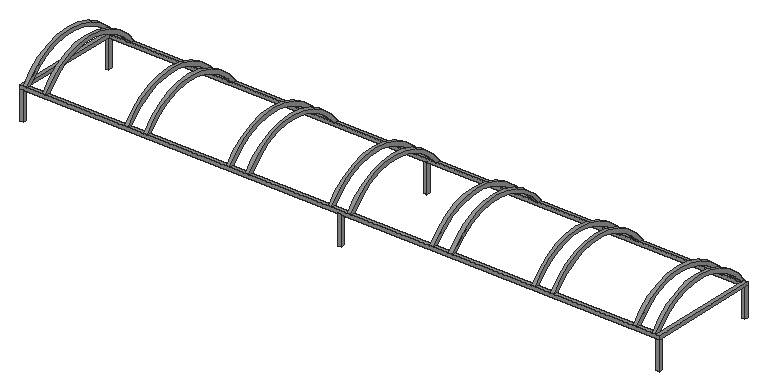
Revit family "Велопарковка 7-ми местная VELO-3", category Антураж, Revit 2017
Family settings
  На основе рабочей плоскости = Нет
  Всегда вертикально = Да
  При загрузке вырезать с полостями = Нет
  Источник визуального образа = Геометрия семейства
  Общий = Нет
  Точка расчета площади = Нет
Parameters (values of type "Велопарковка 7-ми местная VELO-3")
  Стоимость = 6696
  Изготовитель = "ООО \"Хоббика\""
  Высота = 0 mm
  URL = "https://hobbyka.ru/product/veloparkovka_7-mi_mestnaia_velo-3/?sphrase_id=68206"
  ADSK_Размер_Ширина = 500 mm
  ADSK_Размер_Длина = 2900 mm
  ADSK_Размер_Высота = 275 mm
  ADSK_Наименование = "Велопарковка 7-ми местная VELO-3"
  ADSK_Материал велопарковки = Сталь, окрашенная
  ADSK_Код изделия = "7273"
Reference planes
  plane 1 "По центру (Вперед/Назад)": y = 0
  plane 2: z = 0
  plane 3 "По центру (Влево/Вправо)": x = 0
  plane 4 "1": z = 130.552
Forms (mm)
  Extrusion 1, solid, material "Сталь, окрашенная" <- "ADSK_Материал велопарковки"
    sketch origin (0, 0, 130.552) x (0, 1, 0) y (-1, 0, 0)
      loop
        line (-250, -1448) -> (250, -1448) -> (250, 1448) -> (-250, 1448) -> (-250, -1448)
      loop
        line (234, 1432) -> (-234, 1432) -> (-234, -1432) -> (234, -1432) -> (234, 1432)
    from 0 to 16
  Extrusion 2, solid, material "Сталь, окрашенная" <- "ADSK_Материал велопарковки"
    sketch origin (0, 0, 130.552) x (0, 1, 0) y (-1, 0, 0)
      loop
        line (-250, -1448) -> (-234, -1448) -> (-234, -1432) -> (-250, -1432) -> (-250, -1448)
      loop
        line (250, -1448) -> (250, -1432) -> (234, -1432) -> (234, -1448) -> (250, -1448)
      loop
        line (250, 1448) -> (234, 1448) -> (234, 1432) -> (250, 1432) -> (250, 1448)
      loop
        line (-250, 1448) -> (-250, 1432) -> (-234, 1432) -> (-234, 1448) -> (-250, 1448)
      loop
        line (-250, -8) -> (-234, -8) -> (-234, 8) -> (-250, 8) -> (-250, -8)
      loop
        line (250, -8) -> (250, 8) -> (234, 8) -> (234, -8) -> (250, -8)
    from -130.552 to 0
  Extrusion 3, solid, material "Сталь, окрашенная" <- "ADSK_Материал велопарковки"
    sketch origin (0, 0, 0) x (0, 1, 0) y (0, 0, 1)
      loop
        line (-250, 146.552) -> (-230.182, 146.552)
        arc (-230.182, 146.552) -> (0, 260.552) -> (230.182, 146.552) r 289.385
        line (230.182, 146.552) -> (250, 146.552)
        arc (250, 146.552) -> (0, 276.552) -> (-250, 146.552) r 305.385
    from -1432 to -1416
  Extrusion 4, solid, material "Сталь, окрашенная" <- "ADSK_Материал велопарковки"
    sketch origin (86, 0, 0) x (0, 1, 0) y (0, 0, 1)
      loop
        line (-250, 146.552) -> (-230.182, 146.552)
        arc (-230.182, 146.552) -> (0, 260.552) -> (230.182, 146.552) r 289.385
        line (230.182, 146.552) -> (250, 146.552)
        arc (250, 146.552) -> (0, 276.552) -> (-250, 146.552) r 305.385
    from -1432 to -1416
  Extrusion 5, solid, material "Сталь, окрашенная" <- "ADSK_Материал велопарковки"
    sketch origin (460, 0, 0) x (0, 1, 0) y (0, 0, 1)
      loop
        line (-250, 146.552) -> (-230.182, 146.552)
        arc (-230.182, 146.552) -> (0, 260.552) -> (230.182, 146.552) r 289.385
        line (230.182, 146.552) -> (250, 146.552)
        arc (250, 146.552) -> (0, 276.552) -> (-250, 146.552) r 305.385
    from -1432 to -1416
  Extrusion 6, solid, material "Сталь, окрашенная" <- "ADSK_Материал велопарковки"
    sketch origin (546, 0, 0) x (0, 1, 0) y (0, 0, 1)
      loop
        line (-250, 146.552) -> (-230.182, 146.552)
        arc (-230.182, 146.552) -> (0, 260.552) -> (230.182, 146.552) r 289.385
        line (230.182, 146.552) -> (250, 146.552)
        arc (250, 146.552) -> (0, 276.552) -> (-250, 146.552) r 305.385
    from -1432 to -1416
  Extrusion 7, solid, material "Сталь, окрашенная" <- "ADSK_Материал велопарковки"
    sketch origin (920, 0, 0) x (0, 1, 0) y (0, 0, 1)
      loop
        line (-250, 146.552) -> (-230.182, 146.552)
        arc (-230.182, 146.552) -> (0, 260.552) -> (230.182, 146.552) r 289.385
        line (230.182, 146.552) -> (250, 146.552)
        arc (250, 146.552) -> (0, 276.552) -> (-250, 146.552) r 305.385
    from -1432 to -1416
  Extrusion 8, solid, material "Сталь, окрашенная" <- "ADSK_Материал велопарковки"
    sketch origin (1006, 0, 0) x (0, 1, 0) y (0, 0, 1)
      loop
        line (-250, 146.552) -> (-230.182, 146.552)
        arc (-230.182, 146.552) -> (0, 260.552) -> (230.182, 146.552) r 289.385
        line (230.182, 146.552) -> (250, 146.552)
        arc (250, 146.552) -> (0, 276.552) -> (-250, 146.552) r 305.385
    from -1432 to -1416
  Extrusion 9, solid, material "Сталь, окрашенная" <- "ADSK_Материал велопарковки"
    sketch origin (1382, 0, 0) x (0, 1, 0) y (0, 0, 1)
      loop
        line (-250, 146.552) -> (-230.182, 146.552)
        arc (-230.182, 146.552) -> (0, 260.552) -> (230.182, 146.552) r 289.385
        line (230.182, 146.552) -> (250, 146.552)
        arc (250, 146.552) -> (0, 276.552) -> (-250, 146.552) r 305.385
    from -1432 to -1416
  Extrusion 10, solid, material "Сталь, окрашенная" <- "ADSK_Материал велопарковки"
    sketch origin (1468, 0, 0) x (0, 1, 0) y (0, 0, 1)
      loop
        line (-250, 146.552) -> (-230.182, 146.552)
        arc (-230.182, 146.552) -> (0, 260.552) -> (230.182, 146.552) r 289.385
        line (230.182, 146.552) -> (250, 146.552)
        arc (250, 146.552) -> (0, 276.552) -> (-250, 146.552) r 305.385
    from -1432 to -1416
  Extrusion 11, solid, material "Сталь, окрашенная" <- "ADSK_Материал велопарковки"
    sketch origin (1842, 0, 0) x (0, 1, 0) y (0, 0, 1)
      loop
        line (-250, 146.552) -> (-230.182, 146.552)
        arc (-230.182, 146.552) -> (0, 260.552) -> (230.182, 146.552) r 289.385
        line (230.182, 146.552) -> (250, 146.552)
        arc (250, 146.552) -> (0, 276.552) -> (-250, 146.552) r 305.385
    from -1432 to -1416
  Extrusion 12, solid, material "Сталь, окрашенная" <- "ADSK_Материал велопарковки"
    sketch origin (1928, 0, 0) x (0, 1, 0) y (0, 0, 1)
      loop
        line (-250, 146.552) -> (-230.182, 146.552)
        arc (-230.182, 146.552) -> (0, 260.552) -> (230.182, 146.552) r 289.385
        line (230.182, 146.552) -> (250, 146.552)
        arc (250, 146.552) -> (0, 276.552) -> (-250, 146.552) r 305.385
    from -1432 to -1416
  Extrusion 13, solid, material "Сталь, окрашенная" <- "ADSK_Материал велопарковки"
    sketch origin (2302, 0, 0) x (0, 1, 0) y (0, 0, 1)
      loop
        line (-250, 146.552) -> (-230.182, 146.552)
        arc (-230.182, 146.552) -> (0, 260.552) -> (230.182, 146.552) r 289.385
        line (230.182, 146.552) -> (250, 146.552)
        arc (250, 146.552) -> (0, 276.552) -> (-250, 146.552) r 305.385
    from -1432 to -1416
  Extrusion 14, solid, material "Сталь, окрашенная" <- "ADSK_Материал велопарковки"
    sketch origin (2388, 0, 0) x (0, 1, 0) y (0, 0, 1)
      loop
        line (-250, 146.552) -> (-230.182, 146.552)
        arc (-230.182, 146.552) -> (0, 260.552) -> (230.182, 146.552) r 289.385
        line (230.182, 146.552) -> (250, 146.552)
        arc (250, 146.552) -> (0, 276.552) -> (-250, 146.552) r 305.385
    from -1432 to -1416
  Extrusion 15, solid, material "Сталь, окрашенная" <- "ADSK_Материал велопарковки"
    sketch origin (2762, 0, 0) x (0, 1, 0) y (0, 0, 1)
      loop
        line (-250, 146.552) -> (-230.182, 146.552)
        arc (-230.182, 146.552) -> (0, 260.552) -> (230.182, 146.552) r 289.385
        line (230.182, 146.552) -> (250, 146.552)
        arc (250, 146.552) -> (0, 276.552) -> (-250, 146.552) r 305.385
    from -1432 to -1416
  Extrusion 16, solid, material "Сталь, окрашенная" <- "ADSK_Материал велопарковки"
    sketch origin (2848, 0, 0) x (0, 1, 0) y (0, 0, 1)
      loop
        line (-250, 146.552) -> (-230.182, 146.552)
        arc (-230.182, 146.552) -> (0, 260.552) -> (230.182, 146.552) r 289.385
        line (230.182, 146.552) -> (250, 146.552)
        arc (250, 146.552) -> (0, 276.552) -> (-250, 146.552) r 305.385
    from -1432 to -1416
Dimensions and locks
  aligned and locked: level to plane 2
